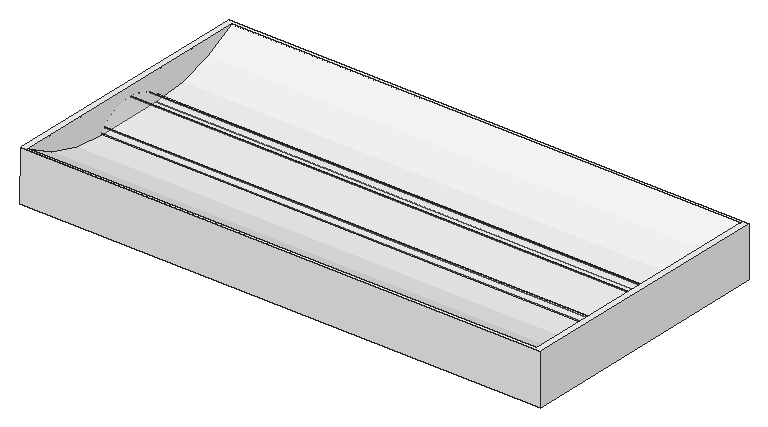
Revit family "LSTE-SM", category Lighting Fixtures, host Face, Revit 2012
Parameters (values of type "LSTE24-50XLG-MPO-EDU")
  zz Length = Row Length - 1.000"  # 47.000"
  Width = 24.000"
  Nominal Watts = 88 W
  Wattage = 88 W
  Warranty = "Five year warranty"  # constant formula
  built-in parameter 1150110 = 1 (stored number, unit not read)
  Voltage = 120 V
  built-in parameter 1114217 = 1 (stored number, unit not read)
  Tilt Angle = 90.00°  # constant formula
  built-in parameter 1150109 = 1 (stored number, unit not read)
  built-in parameter 1150134 = 2
  Wattage Comments = "24-88 W"  # constant formula
  URL = "http://www.columbialighting.com/"
  built-in parameter 1150113 = 1 (stored number, unit not read)
  Product Page URL = "http://www.columbialighting.com/products/lste"
  Product Documentation Link = "http://cdn.columbialightinhttp://cdn.columbialighting.com/content/products/psg/psg_files/lste_psg.pdfg.com/content/products/specs/specs_files/lcat24.pdf"
  Photometric Web File = "LSTE24-50XLG-MPO-EDU.ies"
  Photometric Link = "http://www.hubbelllighting.com/resources/photometry/?p=COLUMBIA%20LIGHTING/Recessed%20Architectural/LSTE/"
  Model = "LSTE24-SM"
  Manufacturer Phone = "864-678-1000"  # constant formula
  Manufacturer Fax = "866-898-1065"  # constant formula
  Manufacturer = "Columbia Lighting"  # constant formula
  Row Length = 48.000"
  built-in parameter 1150105 = 3508.6 (stored number, unit not read)
  Lumens = 13071.7 lm
  built-in parameter 1150115 = 1 (stored number, unit not read)
  Lumen Output = "Extra High Lumen"
  Load Classification = Lighting
  built-in parameter 1150137 = (empty or 0)
  built-in parameter 1150139 = (empty or 0)
  built-in parameter 1150112 = 1 (stored number, unit not read)
  built-in parameter 1150114 = 1 (stored number, unit not read)
  Lamp = "LED Lamp"  # constant formula
  Light Bulb = Hubbell - White Glass
  built-in parameter 1150132 = (empty or 0)
  built-in parameter 1150102 = (empty or 0)
  built-in parameter 1150107 = 5000 (stored number, unit not read)
  built-in parameter 1150138 = (empty or 0)
  built-in parameter 1150106 = 35.086 (stored number, unit not read)
  Emit from Rectangle Width = 23.000"
  Emit from Rectangle Length = 47.000"
  Emit Shape Visible in Rendering = no
  built-in parameter 1150104 = 13.8 (stored number, unit not read)
  Dimming Lamp Color Temperature Shift = <None>
  Description = "Stratus® LED Architectural Recessed"  # constant formula
  Default Elevation = 48.000"
  Color Filter = 16777215
  Certifications = "NYC Compliant"  # constant formula
  built-in parameter 1114218 = 1 (stored number, unit not read)
  Backbox = Hubbell - White
  built-in parameter 1150133 = 10 (stored number, unit not read)
  Apparent Load = 0 VA
Types (9): name | zz Length | Nominal Watts | Wattage | built-in parameter 1150134 | Photometric Web File | Model | Row Length | built-in parameter 1150105 | Lumens | Lumen Output | built-in parameter 1150107 | built-in parameter 1150106 | Emit from Rectangle Length
  (no name) | 47.000" | 88 W | 88 W | 2 | "LSTE24-50XLG-MPO-EDU.ies" | "LSTE24-SM" | 48.000" | 3508.6 (stored number, unit not read) | 13071.7 lm | "Extra High Lumen" | 5000 (stored number, unit not read) | 35.086 (stored number, unit not read) | 47.000"
  LSTE24-35XWG-MPO-EDU | 47.000" | 24 W | 24 W | (empty or 0) | "LSTE24-35XWG-MPO-EDU.ies" | "LSTE24-SM" | 48.000" | 283.69 (stored number, unit not read) | 3565.01 lm | "Extra Low Watt" | 3500 (stored number, unit not read) | 2.8369 (stored number, unit not read) | 47.000"
  LSTE24-50XLG-MPO-EDU | 47.000" | 88 W | 88 W | 2 | "LSTE24-50XLG-MPO-EDU.ies" | "LSTE24-SM" | 48.000" | 3508.6 (stored number, unit not read) | 13071.7 lm | "Extra High Lumen" | 5000 (stored number, unit not read) | 35.086 (stored number, unit not read) | 47.000"
  LSTE24-40LWG-MPO-EDU | 47.000" | 43 W | 43 W | 12 | "LSTE24-40LWG-MPO-EDU.ies" | "LSTE24-SM" | 48.000" | 508.29 (stored number, unit not read) | 6387.3 lm | "Low Watt" | 4000 (stored number, unit not read) | 5.0829 (stored number, unit not read) | 47.000"
  LSTE24-30MWG-MPO-EDU | 47.000" | 37 W | 37 W | (empty or 0) | "LSTE24-30MWG-MPO-EDU.ies" | "LSTE24-SM" | 48.000" | 437.36 (stored number, unit not read) | 5496.05 lm | "Medium Low Watt" | 3000 (stored number, unit not read) | 4.3736 (stored number, unit not read) | 47.000"
  LSTE22-50VLG-MPO-EDU | 23.000" | 52 W | 52 W | 2 | "LSTE22-50VLG-MPO-EDU.ies" | "LSTE22-SM" | 24.000" | 614.67 (stored number, unit not read) | 7724.18 lm | "Very High Lumen" | 5000 (stored number, unit not read) | 6.1467 (stored number, unit not read) | 23.000"
  LSTE22-40MLG-MPO-EDU | 23.000" | 40 W | 40 W | 12 | "LSTE22-40MLG-MPO-EDU.ies" | "LSTE22-SM" | 24.000" | 472.82 (stored number, unit not read) | 5941.68 lm | "Medium Lumen" | 4000 (stored number, unit not read) | 4.7282 (stored number, unit not read) | 23.000"
  LSTE22-35HLG-MPO-EDU | 23.000" | 42 W | 42 W | (empty or 0) | "LSTE22-35HLG-MPO-EDU.ies" | "LSTE22-SM" | 24.000" | 496.46 (stored number, unit not read) | 6238.76 lm | "High Lumen" | 3500 (stored number, unit not read) | 4.9646 (stored number, unit not read) | 23.000"
  LSTE22-30LWG-MPO-EDU | 23.000" | 29 W | 29 W | (empty or 0) | "LSTE22-30LWG-MPO-EDU.ies" | "LSTE22-SM" | 24.000" | 342.8 (stored number, unit not read) | 4307.72 lm | "Low Watt" | 3000 (stored number, unit not read) | 3.428 (stored number, unit not read) | 23.000"
Reference planes (in)
  plane 1 "Center (Front/Back)": y = 0.03999
  plane 2: z = 0
  plane 3 "Center (Left/Right)": x = 1.66944
  plane 4: x = -22.33056
  plane 5: x = 25.66944
  plane 6: z = 4
Dimensions and locks (in)
  equal spacing: plane 5, plane 3 "Center (Left/Right)", plane 4
  locked: plane 6 to level at 4
  "Row Length": plane 5 to plane 4
  aligned and locked: plane 2 to host face
  aligned and locked: level to host face
  aligned and locked: plane 3 "Center (Left/Right)" to nested 1
  aligned and locked: plane 1 "Center (Front/Back)" to nested 1
  aligned and locked: imposter light to plane 3 "Center (Left/Right)"
  aligned and locked: plane 1 "Center (Front/Back)" to imposter light
  aligned and locked: plane 6 to imposter light
Automatic sketch dimensions
  host sketch curve to host sketch curve = 96.000"  (x2)
Nested families (in)
  nested 1: "LSTE Fixture" at (1.66944, 0.03999, 0), Glass <- "Light Bulb", Finish <- "Backbox", Row Length <- "Row Length", Width <- "Width", type "LSTE Fixture"
    with Width 24.000", Row Length 48.000", Height 4.625", Glass Hubbell - White Glass, Finish Hubbell - White
Definition of nested family "LSTE Fixture"
  Parameters (values of type "LED Contemporary Architectural Troffer")
    Width [instance] = 24.000"
    Row Length [instance] = 24.000"
    Height [instance] = 4.000"
    Glass [instance] = none
    Finish [instance] = none
    Default Elevation = 48.000"
  Reference planes (in)
    plane 1 "Center (Front/Back)": y = 0
    plane 2: z = 0
    plane 3 "Center (Left/Right)": x = 0
    plane 4: x = 12
    plane 5: x = -12
    plane 6: y = -12
    plane 7: y = 12
    plane 8: z = 4
    plane 9: x = -11.5
    plane 10: x = 11.5
    plane 11: y = -3
    plane 12: y = 3
    plane 13: z = 2
    plane 14: y = -11.75
    plane 15: y = 11.75
    plane 16: z = 0.25
  Forms (in)
    Extrusion 1, solid
      sketch origin (0, 0, 0) x (1, 0, 0) y (0, 1, 0)
        loop
          line (-48, 48) -> (-48, -48) -> (48, -48) -> (48, 48) -> (-48, 48)
      from 0 to -12
    Extrusion 2, solid, material <- "Glass"
      sketch origin (0, 0, 0) x (0, 1, 0) y (0, 0, 1)
        loop
          arc (-3.0054, 2) -> (-3.2554, 2.25) -> (-3.0054, 2.5) r 0.25
          arc (-3.0054, 2.5) -> (-1.62233, 3.40315) -> (0, 3.71395) r 4.27102
          arc (0, 3.71395) -> (1.62233, 3.40315) -> (3.0054, 2.5) r 4.27102
          arc (3.0054, 2.5) -> (3.2554, 2.25) -> (3.0054, 2) r 0.25
          line (3.0054, 2) -> (3.0054, 1.89823)
          arc (3.0054, 1.89823) -> (3.35619, 2.24902) -> (3.0054, 2.59982) r 0.35079
          arc (3.0054, 2.59982) -> (1.6184, 3.48995) -> (0, 3.80122) r 4.35698
          arc (0, 3.80122) -> (-1.6184, 3.48995) -> (-3.0054, 2.59982) r 4.35698
          arc (-3.0054, 2.59982) -> (-3.35619, 2.24902) -> (-3.0054, 1.89823) r 0.35079
          line (-3.0054, 1.89823) -> (-3.0054, 2)
      from -11.5 to 11.5
    Extrusion 3, solid, material <- "Finish"
      sketch origin (0, 0, 0) x (0, 1, 0) y (0, 0, 1)
        loop
          line (-12, 4) -> (-12, 0) -> (12, 0) -> (12, 4) -> (-12, 4)
      from 11.5 to 12
    Extrusion 4, solid, material <- "Finish"
      sketch origin (0, 0, 0) x (0, 1, 0) y (0, 0, 1)
        loop
          line (12, 4) -> (-12, 4) -> (-12, 0) -> (12, 0) -> (12, 4)
      from -12 to -11.5
    Extrusion 5, solid, material <- "Finish"
      sketch origin (0, 0, 0) x (0, 1, 0) y (0, 0, 1)
        loop
          line (-12, 0) -> (12, 0) -> (12, 4) -> (11.75, 4) -> (11.75, 0.25) -> (-11.75, 0.25) -> (-11.75, 4) -> (-12, 4) -> (-12, 0)
      from -11.5 to 11.5
    Extrusion 6, solid, material <- "Finish"
      sketch origin (0, 0, 0) x (0, 1, 0) y (0, 0, 1)
        loop
          arc (-3, 2) -> (-7.48783, 2.50637) -> (-11.75, 4) r 20.14062
          line (-11.75, 4) -> (-11.75, 0.25) -> (11.75, 0.25) -> (11.75, 4)
          arc (11.75, 4) -> (7.48783, 2.50637) -> (3, 2) r 20.14062
          line (3, 2) -> (-3, 2)
      from -12 to 12
  Cuts and joins
    joined: Extrusion 3, Extrusion 4, Extrusion 5, Extrusion 6
  Dimensions and locks (in)
    equal spacing: plane 4, plane 3 "Center (Left/Right)", plane 5
    "Row Length": plane 4 to plane 5
    equal spacing: plane 6, plane 1 "Center (Front/Back)", plane 7
    "Width": plane 6 to plane 7
    "Height": plane 8 to plane 2
    equal spacing: plane 10, plane 3 "Center (Left/Right)", plane 9
    locked: plane 9 to plane 5 at 0.5
    equal spacing: plane 11, plane 1 "Center (Front/Back)", plane 12
    locked: plane 11 to plane 1 "Center (Front/Back)" at 3
    locked: plane 6 to plane 14 at 0.25
    equal spacing: plane 14, plane 1 "Center (Front/Back)", plane 15
    locked: plane 16 to level at 0.25
    level to Extrusion 5 = 4.000"
    aligned and locked: plane 2 to Extrusion 1
    aligned and locked: level to Extrusion 1
    aligned and locked: Extrusion 2 to plane 10
    aligned and locked: Extrusion 2 to plane 9
    aligned and locked: plane 8 to Extrusion 3 sketch curve
    aligned and locked: plane 6 to Extrusion 3 sketch curve
    aligned and locked: level to Extrusion 3 sketch curve
    aligned and locked: Extrusion 3 sketch curve to plane 7
    aligned and locked: plane 4 to Extrusion 3
    aligned and locked: plane 10 to Extrusion 3
    aligned and locked: Extrusion 4 sketch curve to Extrusion 3  (x4)
    aligned and locked: Extrusion 4 to plane 5
    aligned and locked: plane 9 to Extrusion 4
    aligned and locked: Extrusion 5 sketch curve to Extrusion 3  (x4)
    aligned and locked: plane 8 to Extrusion 5 sketch curve
    aligned and locked: Extrusion 5 sketch curve to plane 14
    aligned and locked: plane 16 to Extrusion 5 sketch curve
    aligned and locked: Extrusion 5 sketch curve to plane 15
    aligned and locked: Extrusion 5 to plane 10
    aligned and locked: Extrusion 5 to plane 9
    aligned and locked: plane 13 to Extrusion 6 sketch curve
    aligned and locked: plane 12 to Extrusion 6 sketch curve
    aligned and locked: plane 11 to Extrusion 6 sketch curve
    aligned and locked: Extrusion 6 sketch curve to plane 14
    aligned and locked: plane 16 to Extrusion 6 sketch curve
    aligned and locked: Extrusion 6 sketch curve to plane 15
    aligned and locked: plane 4 to Extrusion 6
    aligned and locked: Extrusion 6 to plane 5
  Automatic sketch dimensions
    Extrusion 1 sketch curve to Extrusion 1 sketch curve = 96.000"  (x2)
    plane 13 to Extrusion 2 sketch curve = 0.000"  (x2)
    Extrusion 2 sketch curve to plane 1 "Center (Front/Back)" = 0.000"  (x2)
    plane 1 "Center (Front/Back)" to Extrusion 2 sketch curve = 0.00113"
    Extrusion 2 sketch curve to Extrusion 2 sketch curve = 0.0216"  (x2)
    Extrusion 2 sketch curve to plane 11 = 0.0054"
    Extrusion 2 sketch curve to plane 1 "Center (Front/Back)" = 0.00113"
    Extrusion 2 sketch curve to plane 12 = 0.0054"
    plane 13 to Extrusion 2 sketch curve = 0.10177"  (x2)
    Extrusion 2 sketch curve to level = 0.55575"
    Extrusion 2 sketch curve to Extrusion 2 sketch curve = 0.000"
    Extrusion 2 sketch curve to Extrusion 2 sketch curve = 0.00126"  (x2)
    Extrusion 2 sketch curve to Extrusion 2 sketch curve = 0.24902"
    Extrusion 2 sketch curve to Extrusion 2 sketch curve = 0.00098"
    plane 8 to Extrusion 6 sketch curve = 0.000"  (x2)
